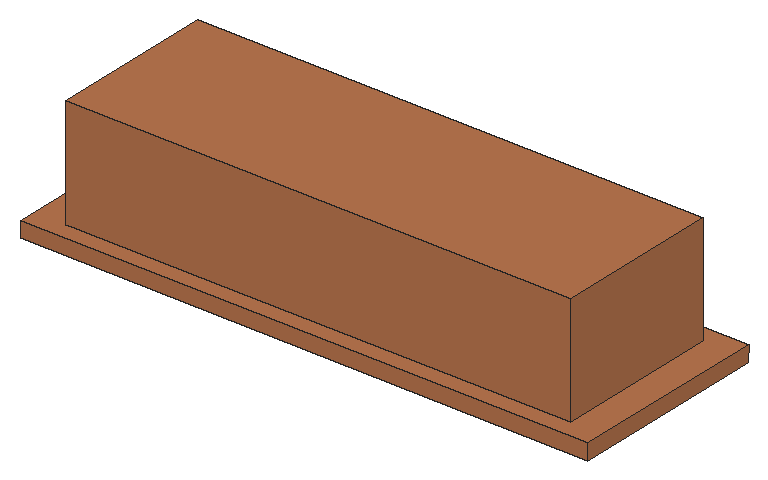
Revit family "E1_Semi Recessed Non-Maintain Emergency", category Lighting Fixtures, Revit 2013
Parameters
  Wattage = 12.1178 W
  built-in parameter 1150110 = 1 (stored number, unit not read)
  built-in parameter 1114217 = 1 (stored number, unit not read)
  Top Dia [instance] = 200 mm
  built-in parameter 1150109 = 1 (stored number, unit not read)
  built-in parameter 1150134 = 3
  built-in parameter 1150113 = 1 (stored number, unit not read)
  Outer Dia [instance] = 200 mm
  Model = "Silver Lite Semi Recessed"
  Manufacturer = "EMERGI-LITE"
  built-in parameter 1150105 = 572.96 (stored number, unit not read)
  Lumens = 1800 lm
  built-in parameter 1150115 = 1 (stored number, unit not read)
  Lt = Whitecroft Lighting_Polycarbonate
  Load Classification = Ltg
  Light Type [instance] = "E1"
  Light Source Symbol Size = 400 mm
  built-in parameter 1150137 = (empty or 0)
  built-in parameter 1150139 = (empty or 0)
  built-in parameter 1150112 = 1 (stored number, unit not read)
  built-in parameter 1150114 = 1 (stored number, unit not read)
  Lamp = "1x8W"
  built-in parameter 1150132 = 2
  built-in parameter 1150102 = (empty or 0)
  built-in parameter 1150107 = 3200 (stored number, unit not read)
  built-in parameter 1150138 = (empty or 0)
  built-in parameter 1150106 = 5.7296 (stored number, unit not read)
  Height = 203.2 mm
  Finish = none
  Emit from Line Length = 300 mm
  built-in parameter 1150104 = 13.8 (stored number, unit not read)
  Dimming Lamp Color Temperature Shift = <None>
  Radius = 50.8 mm
  Color Filter = 16777215
  Bottom Dia [instance] = 199.505 mm
  built-in parameter 1114218 = 1 (stored number, unit not read)
  built-in parameter 1150133 = 10 (stored number, unit not read)
  Assembly Code = ""
  Apparent Load = 8 W
Reference planes
  plane 1 "Light Source Axis (F/B)": y = 0
  plane 2: z = 0
  plane 3 "Light Source Axis (L/R)": x = 3.349
  plane 4 "Light Source Elevation": z = 0
  plane 5 "Bot": z = -80
  plane 6 "Mid": z = -70
  plane 7: y = 63.5
  plane 8: y = -63.5
  plane 9: y = 52.5
  plane 10: y = -52.5
  plane 11: x = -176.651
  plane 12: x = 183.349
  plane 13: x = -156.651
  plane 14: x = 163.349
Forms (mm)
  Extrusion 1, solid, material "Light Body"
    sketch origin (0, 0, -70) x (-1, 0, 0) y (0, -1, 0)
      loop
        line (156.651, 52.5) -> (-163.349, 52.5) -> (-163.349, -52.5) -> (156.651, -52.5) -> (156.651, 52.5)
    from 70 to 0
  Extrusion 2, solid, material "Light Body"
    sketch origin (0, 0, -70) x (-1, 0, 0) y (0, -1, 0)
      loop
        line (176.651, 63.5) -> (-183.349, 63.5) -> (-183.349, -63.5) -> (176.651, -63.5) -> (176.651, 63.5)
    from 0 to -10
  Extrusion 3, void
    sketch origin (0, 0, -70) x (-1, 0, 0) y (0, -1, 0)
      loop
        line (151.651, 47.5) -> (-158.349, 47.5) -> (-158.349, -47.5) -> (151.651, -47.5) -> (151.651, 47.5)
    from 59.319 to -105
  Extrusion 4, solid, material "Whitecroft Lighting_Polycarbonate" <- "Lt"
    sketch origin (0, 0, -70) x (-1, 0, 0) y (0, -1, 0)
      loop
        line (151.651, 47.5) -> (-158.349, 47.5) -> (-158.349, -47.5) -> (151.651, -47.5) -> (151.651, 47.5)
    from 0 to -10
Cuts and joins
  Extrusion 3 cuts Extrusion 1
  Extrusion 3 cuts Extrusion 2
Dimensions and locks
  plane 2 to plane 5 "Bot" = 80 mm
  aligned: plane 3 "Light Source Axis (L/R)" to imposter light
  aligned: plane 4 "Light Source Elevation" to imposter light
  aligned and locked: level to Extrusion 1
  aligned and locked: Extrusion 4 to plane 5 "Bot"
  aligned and locked: plane 6 "Mid" to Extrusion 2
Nested families
  nested 1: "EM_E1" at (3.349, 0, 0), type "EM_E1"
Connectors
  electrical at (3.349, 0, 0), driven by "Load Classification"
    settings: on cut or joined group of Extrusion 1, Extrusion 3, index 2, voltage 230 V, apparent load 0 W, apparent load phase1 8 W, apparent load phase2 0 W, apparent load phase3 0 W, power factor 0.9, load classification "Ltg", number of poles 1, system type 31, power factor state 1, is connector primary yes, connector utility no, sub classification motor no, connector description ""
Definition of nested family "EM_E1"
  Reference planes
    plane 1: y = 0
    plane 2: x = 0
  Lines and regions (mm)
    detail lines, style "Emergency"
      curve 1: line (-3, 1.75, 0) -> (-3, -1.75, 0)
      curve 2: line (-3, 1.75, 0) -> (3, 1.75, 0)
      curve 3: line (3, 1.75, 0) -> (3, -1.75, 0)
      curve 4: line (-3, -1.75, 0) -> (3, -1.75, 0)
  Text (mm)
    text "E1" at (-0.038, 1.914, 0)
